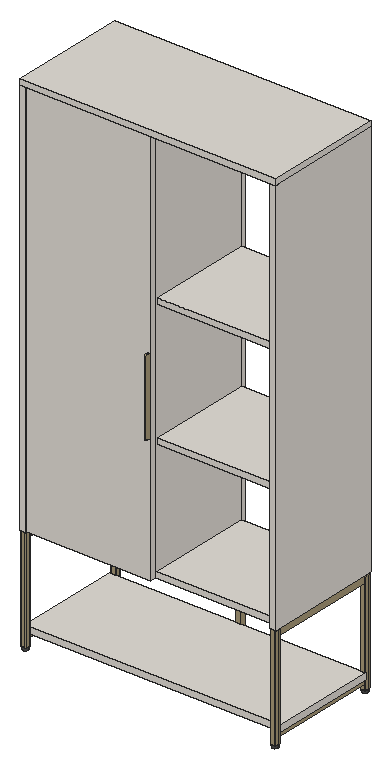
Revit family "Storage-Teknion-LWBOH-Byward_Open_High_Tower-R2022", category Furniture, Revit 2022
Family settings
  OmniClass Number = 23.40.20.00
  OmniClass Title = General Furniture and Specialties
  Work Plane-Based = No
  Always vertical = Yes
  Cut with Voids When Loaded = No
  Render Appearance Source = Family Geometry
  Shared = Yes
  Room Calculation Point = No
Parameters (values of type "Left Coat, Right Open")
  Width [instance] = 30.000"
  Warranty = "http://www.teknion.com/ca/papers/legal-canada"
  Unit Weight URL = "http://www.teknion.com/ca/tools/assets#&asset=bee6a381-b954-425e-8283-5a2de3a804f2,f828d448-4b62-4231-9e5f-9a8991c0ed77"
  URL = "www.teknion.com"
  To render please download texture images found here [instance] = "https://assets.teknion.com/web/5e81352c1dfdb467/revit-material-swatches/"
  Third Leg Visibility [instance] = yes
  Sustainability Data = "https://www.teknion.com/ca/tools/assets#&topic=216f99a5-57a0-44fc-b10a-9dee9b29ae4c&asset=444deb64-fe58-4b68-981e-f75e97781df7,b4ff2d81-9f2e-437d-9659-7cffb09c31cf"
  Series = "Byward"  # constant formula
  Shelf [instance] = if(Height = 29.000", 17.772", 17.188")  # 17.188"
  Right Rectangular Pull Handle [instance] = and(Right Casual Drawer, Rectangular Pull Handle)  # no
  Right Modern Straight (ADA) Handle [instance] = and(Right Casual Drawer, [Modern Straight (ADA) Handle])  # no
  Right Journal Pull Handle [instance] = and(Right Casual Drawer, Journal Pull Handle)  # no
  Right Center Support Visibility [instance] = yes
  Right Casual Drawer = no
  Right Byward Handle [instance] = and(Right Casual Drawer, Byward Pull Handle)  # no
  Rectangular Pull Handle [instance] = no
  Product Page URL = "https://www.teknion.com/ca/products/product-details?productLineId=87d0476f-8e7a-673b-a6c8-ff05004460c4"
  Product Line = "Byward"  # constant formula
  Product Documentation Link = "https://assets.teknion.com/m/d3f7903c0f9c31f/original/Byward-Reference-Guide.pdf"
  Part Number = "LWBOH"  # constant formula
  Modern Straight (ADA) Handle [instance] = no
  Model = "LWBOHJO60_____"
  Metal Leg & Handle Finish [instance] = Paint - Teknion - CQ - Accent - Soft Gold
  Manufacturer Phone = "416-661-3370"  # constant formula
  Manufacturer Fax = "416.661.4586"  # constant formula
  Manufacturer Contact Information = "http://www.teknion.com/ca/contactus"
  Manufacturer Address = "1150 Flint Road, Toronto, ON. M3J 2J5. Canada"  # constant formula
  Manufacturer = "Teknion"  # constant formula
  Left Rectangular Pull Handle [instance] = and(Left Casual Drawer, Rectangular Pull Handle)  # no
  Left Modern Straight (ADA) Handle [instance] = and(Left Casual Drawer, [Modern Straight (ADA) Handle])  # no
  Left Journal Pull Handle [instance] = and(Left Casual Drawer, Journal Pull Handle)  # yes
  Left Casual Drawer = yes
  Left Byward Pull Handle [instance] = and(Left Casual Drawer, Byward Pull Handle)  # no
  Journal Pull Handle [instance] = yes
  How To Use Teknion Materials User Guide [instance] = "https://assets.teknion.com/m/205dd0a49fa58060/original/How-to-add-a-Material-Library-and-Texture-Images-to-your-Revit-project.pdf"
  Height = 60.000"
  Handle Center [instance] = Width / 4 + 0.344"  # 7.844"
  For Additional Finishes please visit [instance] = "https://assets.teknion.com/m/44a8009b046e5d47/original/Teknion_Materials_Library.zip"
  Divider DIM [instance] = if(and(Width = 72.000", Left Casual Drawer), 35.656", if(and(Width = 60.000", Left Casual Drawer), 29.656", Width / 2 + 0.344"))  # 15.344"
  Description = "Byward Open High Tower, Lite Wood Office, Left Coat, Right Open"
  Depth [instance] = 14.000"
  Default Elevation = 0.000"
  Case Finish = Source Laminate - Teknion - XS - Storm White
  Byward Pull Handle Leather Finish [instance] = Leather-Teknion-N68-Natural
  Byward Pull Handle [instance] = no
  Available Width [instance] = "30 & 36\""  # constant formula
  Available Depth [instance] = "14\", 16\",18\" & 20\""  # constant formula
  Assembly Code = "E2020200"
Reference planes (in)
  plane 1 "Center Front/Back": y = 0
  plane 2: z = 0
  plane 3 "Center Left/Right": x = -0.3435
  plane 4 "Left": x = -15.3435
  plane 5 "Right": x = 14.6565
  plane 6 "Back": y = 7
  plane 7 "Front": y = -7
  plane 8 "Top": z = 60
  plane 9: z = 58
  plane 10 "Right Divider": x = 0.0005
  plane 11: x = -7.4995
  plane 12: x = 6.8125
  plane 13 "F1": y = -6.61277
  plane 14 "B1": y = 6.61277
  plane 15: x = 0.82993
  plane 16 "Handle Hori. Ref.": z = 32.00099
  plane 17: x = -1.26693
Forms (in)
  Sweep 1, solid, material "Source Laminate - Teknion - XS - Storm White" <- "Case Finish"
    path origin (0.5411, 0, 0) x (1, 0, 0) y (0, 0, 1)
      loop
        line (-0.8846, 60) -> (-0.8846, 59.312)
    profile origin (-0.3435, 0, 59.656) x (0, -1, 0) y (1, 0, 0)
      loop
        line (-7, -15) -> (7, -15) -> (7, 15) -> (-7, 15) -> (-7, -15)
  Sweep 2, solid, material "Source Laminate - Teknion - XS - Storm White" <- "Case Finish"
    path origin (82.53178, 0, 2.03477) x (1, 0, 0) y (0, 1, 0)
      loop
        line (-82.87528, 7) -> (-82.87528, -7)
    profile origin (-0.3435, 0, 2.03477) x (1, 0, 0) y (0, 0, 1)
      loop
        line (15, 10.46523) -> (15, 57.27723) -> (14.312, 57.27723) -> (14.312, 10.46523) -> (15, 10.46523)
      loop
        line (-14.312, 10.46523) -> (-14.312, 57.27723) -> (-15, 57.27723) -> (-15, 10.46523) -> (-14.312, 10.46523)
  Sweep 3, solid, material "Source Laminate - Teknion - XS - Storm White" <- "Case Finish"
    path origin (0, 0, 0) x (1, 0, 0) y (0, 0, 1)
      loop
        line (-0.3435, 2.1875) -> (-0.3435, 1.5)
    profile origin (-0.3435, 0, 1.84375) x (0, -1, 0) y (1, 0, 0)
      loop
        line (-6.233, -15) -> (6.233, -15) -> (6.233, 15) -> (-6.233, 15) -> (-6.233, -15)
  Sweep 4, solid, material "Source Laminate - Teknion - XS - Storm White" <- "Case Finish", visible <- "Right Casual Drawer"
    path origin (-0.3435, 0, 0) x (0, 1, 0) y (0, 0, 1)
      loop
        line (7, 59.312) -> (7, 12.5)
    profile origin (-0.3435, 7, 35.906) x (1, 0, 0) y (0, 1, 0)
      loop
        line (-0.344, -0.139) -> (-0.344, -0.708) -> (14.312, -0.708) -> (14.312, -0.139) -> (-0.344, -0.139)
  Sweep 5, solid, material "Source Laminate - Teknion - XS - Storm White" <- "Case Finish"
    path origin (0, 0, 0) x (1, 0, 0) y (0, 0, 1)
      loop
        line (0.0005, 13.188) -> (0.0005, 59.312)
    profile origin (0.0005, 0, 36.25) x (-1, 0, 0) y (0, -1, 0)
      loop
        line (0.688, 6.173) -> (0, 6.173) -> (0, -6.292) -> (0.688, -6.292) -> (0.688, 6.173)
  Sweep 6, solid, material "Paint - Teknion - CQ - Accent - Soft Gold" <- "Metal Leg & Handle Finish"
    path origin (0.17299, 27.13369, 0) x (1, 0, 0) y (0, 0, 1)
      loop
        line (-0.51649, 0.325) -> (-0.51649, 12.5)
    profile origin (-0.3435, 27.13369, 6.4125) x (-1, 0, 0) y (0, -1, 0)
      loop
        line (14.4676, 20.21169) -> (14.8454, 20.21169)
        arc (14.8454, 20.21169) -> (14.9328, 20.24789) -> (14.969, 20.33529) r 0.1236
        line (14.969, 20.33529) -> (14.969, 20.76909)
        arc (14.969, 20.76909) -> (14.9492, 20.81689) -> (14.9014, 20.83669) r 0.0676
        line (14.9014, 20.83669) -> (14.4116, 20.83669)
        arc (14.4116, 20.83669) -> (14.3638, 20.81689) -> (14.344, 20.76909) r 0.0676
        line (14.344, 20.76909) -> (14.344, 20.33529)
        arc (14.344, 20.33529) -> (14.3802, 20.24789) -> (14.4676, 20.21169) r 0.1236
      loop
        arc (-14.4372, 20.21169) -> (-14.3713, 20.23899) -> (-14.344, 20.30489) r 0.0932
        line (-14.344, 20.30489) -> (-14.344, 20.74989)
        arc (-14.344, 20.74989) -> (-14.36942, 20.81127) -> (-14.4308, 20.83669) r 0.0868
        line (-14.4308, 20.83669) -> (-14.8822, 20.83669)
        arc (-14.8822, 20.83669) -> (-14.94358, 20.81127) -> (-14.969, 20.74989) r 0.0868
        line (-14.969, 20.74989) -> (-14.969, 20.30489)
        arc (-14.969, 20.30489) -> (-14.9417, 20.23899) -> (-14.8758, 20.21169) r 0.0932
        line (-14.8758, 20.21169) -> (-14.4372, 20.21169)
      loop
        arc (14.4316, 34.06169) -> (14.36966, 34.03603) -> (14.344, 33.97409) r 0.0876
        line (14.344, 33.97409) -> (14.344, 33.52909)
        arc (14.344, 33.52909) -> (14.37106, 33.46375) -> (14.4364, 33.43669) r 0.0924
        line (14.4364, 33.43669) -> (14.8766, 33.43669)
        arc (14.8766, 33.43669) -> (14.94194, 33.46375) -> (14.969, 33.52909) r 0.0924
        line (14.969, 33.52909) -> (14.969, 33.97409)
        arc (14.969, 33.97409) -> (14.94334, 34.03603) -> (14.8814, 34.06169) r 0.0876
        line (14.8814, 34.06169) -> (14.4316, 34.06169)
      loop
        line (-14.4308, 34.06169) -> (-14.8822, 34.06169)
        arc (-14.8822, 34.06169) -> (-14.94358, 34.03627) -> (-14.969, 33.97489) r 0.0868
        line (-14.969, 33.97489) -> (-14.969, 33.52989)
        arc (-14.969, 33.52989) -> (-14.9417, 33.46399) -> (-14.8758, 33.43669) r 0.0932
        line (-14.8758, 33.43669) -> (-14.4372, 33.43669)
        arc (-14.4372, 33.43669) -> (-14.3713, 33.46399) -> (-14.344, 33.52989) r 0.0932
        line (-14.344, 33.52989) -> (-14.344, 33.97489)
        arc (-14.344, 33.97489) -> (-14.36942, 34.03627) -> (-14.4308, 34.06169) r 0.0868
  Sweep 7, solid, material "Paint - Teknion - CQ - Accent - Soft Gold" <- "Metal Leg & Handle Finish"
    path origin (21.53201, -1.62606, 0) x (1, 0, 0) y (0, 1, 0)
      loop
        line (-21.87551, 7.93856) -> (-21.87551, -4.65694)
    profile origin (-0.3435, 0.01475, 0) x (1, 0, 0) y (0, 0, 1)
      loop
        line (14.781, 11.5) -> (14.781, 12.26533)
        arc (14.781, 12.26533) -> (14.71227, 12.43127) -> (14.54633, 12.5) r 0.23467
        line (14.54633, 12.5) -> (12.281, 12.5) -> (12.281, 12.366) -> (14.54666, 12.366)
        arc (14.54666, 12.366) -> (14.61761, 12.33661) -> (14.647, 12.26566) r 0.10034
        line (14.647, 12.26566) -> (14.647, 11.5) -> (14.781, 11.5)
      loop
        line (14.781, 0.875) -> (14.781, 1.26553)
        arc (14.781, 1.26553) -> (14.71232, 1.43132) -> (14.54653, 1.5) r 0.23447
        line (14.54653, 1.5) -> (12.281, 1.5) -> (12.281, 1.366) -> (14.54644, 1.366)
        arc (14.54644, 1.366) -> (14.61755, 1.33655) -> (14.647, 1.26544) r 0.10056
        line (14.647, 1.26544) -> (14.647, 0.875) -> (14.781, 0.875)
      loop
        line (-14.781, 11.5) -> (-14.647, 11.5) -> (-14.647, 12.26566)
        arc (-14.647, 12.26566) -> (-14.61761, 12.33661) -> (-14.54666, 12.366) r 0.10034
        line (-14.54666, 12.366) -> (-12.281, 12.366) -> (-12.281, 12.5) -> (-14.54633, 12.5)
        arc (-14.54633, 12.5) -> (-14.71227, 12.43127) -> (-14.781, 12.26533) r 0.23467
        line (-14.781, 12.26533) -> (-14.781, 11.5)
      loop
        line (-14.781, 0.875) -> (-14.647, 0.875) -> (-14.647, 1.26544)
        arc (-14.647, 1.26544) -> (-14.61755, 1.33655) -> (-14.54644, 1.366) r 0.10056
        line (-14.54644, 1.366) -> (-12.281, 1.366) -> (-12.281, 1.5) -> (-14.54653, 1.5)
        arc (-14.54653, 1.5) -> (-14.71232, 1.43132) -> (-14.781, 1.26553) r 0.23447
        line (-14.781, 1.26553) -> (-14.781, 0.875)
  Sweep 8, solid, material "Source Laminate - Teknion - XS - Storm White" <- "Case Finish", visible <- "Right Casual Drawer"
    path origin (0, 0, 0) x (1, 0, 0) y (0, 0, 1)
      loop
        line (-0.3435, 27.251) -> (-0.3435, 26.563)
    profile origin (-0.3435, 0, 26.907) x (0, -1, 0) y (1, 0, 0)
      loop
        line (6.114, -14.292) -> (6.114, -0.02) -> (-6.233, -0.02) -> (-6.233, -14.292) -> (6.114, -14.292)
  Sweep 9, solid, material "Source Laminate - Teknion - XS - Storm White" <- "Case Finish", visible <- "Right Casual Drawer"
    path origin (0, 0, 0) x (1, 0, 0) y (0, 0, 1)
      loop
        line (0.3645, 54.189) -> (13.9485, 54.189)
    profile origin (7.1565, 0, 54.189) x (0, 0, 1) y (0, -1, 0)
      loop
        line (0, -6.292) -> (0, 2) -> (-0.688, 2) -> (-0.688, -6.292) -> (0, -6.292)
  Sweep 10, solid, material "Source Laminate - Teknion - XS - Storm White" <- "Case Finish", visible <- "Right Casual Drawer"
    path origin (0, 0, 0) x (1, 0, 0) y (0, 0, 1)
      loop
        line (1.318, 52.812) -> (1.318, 48.48129)
    profile origin (1.318, 0, 50.64665) x (0, -1, 0) y (1, 0, 0)
      loop
        line (-3.95, 11.677) -> (-3.95, 0) -> (6.113, 0) -> (6.113, 11.677) -> (-3.95, 11.677)
      loop
        line (-3.43, 0.52) -> (5.593, 0.52) -> (5.593, 11.157) -> (-3.43, 11.157) -> (-3.43, 0.52)
  Sweep 11, solid, material "Source Laminate - Teknion - XS - Storm White" <- "Case Finish", visible <- "Right Casual Drawer"
    path origin (0, 0, 0) x (1, 0, 0) y (0, 0, 1)
      loop
        line (1.838, 49.00129) -> (1.838, 48.48129)
    profile origin (1.838, 0, 48.74129) x (0, -1, 0) y (1, 0, 0)
      loop
        line (-3.43, 0) -> (5.593, 0) -> (5.593, 10.637) -> (-3.43, 10.637) -> (-3.43, 0)
  Sweep 12, solid, material "Source Laminate - Teknion - XS - Storm White" <- "Case Finish", visible <- "Right Casual Drawer"
    path origin (0, 0, 0) x (1, 0, 0) y (0, 0, 1)
      loop
        line (-0.2845, 59.253) -> (-0.2845, 12.559)
    profile origin (-0.2845, 0, 35.906) x (0, -1, 0) y (1, 0, 0)
      loop
        line (6.96, 14.194) -> (6.272, 14.194) -> (6.272, -0.344) -> (6.96, -0.344) -> (6.96, 14.194)
  Sweep 13, solid, material "Source Laminate - Teknion - XS - Storm White" <- "Case Finish", visible <- "Left Casual Drawer"
    path origin (-36, 0, 0) x (1, 0, 0) y (0, 0, 1)
      loop
        line (21.3645, 54.189) -> (34.9485, 54.189)
    profile origin (-7.8435, 0, 54.189) x (0, 0, 1) y (0, -1, 0)
      loop
        line (0, -6.292) -> (0, 2) -> (-0.688, 2) -> (-0.688, -6.292) -> (0, -6.292)
  Sweep 14, solid, material "Source Laminate - Teknion - XS - Storm White" <- "Case Finish", visible <- "Left Casual Drawer"
    path origin (-36, 0, 0) x (1, 0, 0) y (0, 0, 1)
      loop
        line (22.318, 52.812) -> (22.318, 48.48129)
    profile origin (-13.682, 0, 50.64665) x (0, -1, 0) y (1, 0, 0)
      loop
        line (-3.95, 11.677) -> (-3.95, 0) -> (6.113, 0) -> (6.113, 11.677) -> (-3.95, 11.677)
      loop
        line (-3.43, 0.52) -> (5.593, 0.52) -> (5.593, 11.157) -> (-3.43, 11.157) -> (-3.43, 0.52)
  Sweep 15, solid, material "Source Laminate - Teknion - XS - Storm White" <- "Case Finish", visible <- "Left Casual Drawer"
    path origin (-36, 0, 0) x (1, 0, 0) y (0, 0, 1)
      loop
        line (22.838, 49.00129) -> (22.838, 48.48129)
    profile origin (-13.162, 0, 48.74129) x (0, -1, 0) y (1, 0, 0)
      loop
        line (-3.43, 0) -> (5.593, 0) -> (5.593, 10.637) -> (-3.43, 10.637) -> (-3.43, 0)
  Sweep 16, solid, material "Source Laminate - Teknion - XS - Storm White" <- "Case Finish", visible <- "Left Casual Drawer"
    path origin (-0.687, 0, 0) x (-1, 0, 0) y (0, 0, -1)
      loop
        line (-0.2845, -59.253) -> (-0.2845, -12.559)
    profile origin (-0.4025, 0, 35.906) x (0, -1, 0) y (1, 0, 0)
      loop
        line (6.96, -14.194) -> (6.96, 0.344) -> (6.272, 0.344) -> (6.272, -14.194) -> (6.96, -14.194)
  Sweep 17, void
    path origin (-2.4485, -2.87177, 0) x (1, 0, 0) y (0, 0, 1)
      loop
        line (0, 13.1875) -> (0, 0.6875)
    profile origin (-2.4485, -2.87177, 6.9375) x (0, -1, 0) y (1, 0, 0)
      loop
        line (-9.24823, 14.386) -> (-8.25201, 14.386) -> (-9.24823, 16.72261) -> (-9.24823, 14.386)
      loop
        line (2.48389, 14.386) -> (3.41123, 14.386) -> (3.41123, 16.90919) -> (2.48389, 14.386)
      loop
        line (-9.24823, -10.176) -> (-9.24823, -12.51261) -> (-8.25201, -10.176) -> (-9.24823, -10.176)
      loop
        line (2.48389, -10.176) -> (3.41123, -12.69919) -> (3.41123, -10.176) -> (2.48389, -10.176)
  Sweep 18, solid, material "Source Laminate - Teknion - XS - Storm White" <- "Case Finish"
    path origin (0, 0, 0) x (1, 0, 0) y (0, 0, 1)
      loop
        line (-0.3435, 13.188) -> (-0.3435, 12.5005)
    profile origin (-0.3435, 0, 12.84425) x (0, -1, 0) y (1, 0, 0)
      loop
        line (6.173, 14.312) -> (-6.292, 14.312) -> (-6.292, -14.312) -> (6.173, -14.312) -> (6.173, 14.312)
  Revolve 19, solid, material "Paint - Teknion - Foundation - Ebony"
    sketch origin (0, -6.61277, 0) x (1, 0, 0) y (0, 0, 1)
      loop
        line (-14.86982, 0.325) -> (-14.99805, 0.325) -> (-14.99805, 0) -> (-14.66005, 0) -> (-14.62005, 0.25) -> (-14.86982, 0.25) -> (-14.86982, 0.325)
      axis (-14.99805, 0.325) -> (-14.99805, 0)
    angle from 0 to 360
  Revolve 20, solid, material "Paint - Teknion - Foundation - Ebony"
    sketch origin (0, -6.61277, 0) x (1, 0, 0) y (0, 0, 1)
      loop
        line (14.18282, 0.325) -> (14.18282, 0.25) -> (13.93305, 0.25) -> (13.97305, 0) -> (14.31105, 0) -> (14.31105, 0.325) -> (14.18282, 0.325)
      axis (14.31105, 0.325) -> (14.31105, 0)
    angle from 0 to 360
  Revolve 21, solid, material "Paint - Teknion - Foundation - Ebony"
    sketch origin (0, 6.61277, 0) x (1, 0, 0) y (0, 0, 1)
      loop
        line (14.18282, 0.325) -> (14.18282, 0.25) -> (13.93305, 0.25) -> (13.97305, 0) -> (14.31105, 0) -> (14.31105, 0.325) -> (14.18282, 0.325)
      axis (14.31105, 0.325) -> (14.31105, 0)
    angle from 0 to 360
  Revolve 22, solid, material "Paint - Teknion - Foundation - Ebony"
    sketch origin (0, 6.61277, 0) x (1, 0, 0) y (0, 0, 1)
      loop
        line (-14.86982, 0.325) -> (-14.99805, 0.325) -> (-14.99805, 0) -> (-14.66005, 0) -> (-14.62005, 0.25) -> (-14.86982, 0.25) -> (-14.86982, 0.325)
      axis (-14.99805, 0.325) -> (-14.99805, 0)
    angle from 0 to 360
  Revolve 23, solid, material "Paint - Teknion - Foundation - Ebony", visible <- "Third Leg Visibility"
    sketch origin (0, 6.61277, 0) x (1, 0, 0) y (0, 0, 1)
      loop
        line (-0.46847, 0.325) -> (-0.46847, 0.25) -> (-0.71873, 0.25) -> (-0.67873, 0) -> (-0.34268, 0) -> (-0.34268, 0.325) -> (-0.46847, 0.325)
      axis (-0.34268, 0.325) -> (-0.34268, 0)
    angle from 0 to 360
  Sweep 24, solid, material "Source Laminate - Teknion - XS - Storm White" <- "Case Finish", visible <- "Right Casual Drawer"
    path origin (0, 0, 14.75) x (1, 0, 0) y (0, 0, 1)
      loop
        line (-0.3435, 27.251) -> (-0.3435, 26.563)
    profile origin (-0.3435, 0, 41.657) x (0, -1, 0) y (1, 0, 0)
      loop
        line (6.114, -14.30257) -> (6.114, -0.02) -> (-6.233, -0.02) -> (-6.233, -14.30257) -> (6.114, -14.30257)
  Sweep 25, solid, material "Source Laminate - Teknion - XS - Storm White" <- "Case Finish", visible <- "Right Casual Drawer"
    path origin (0, 0, 0) x (1, 0, 0) y (0, 1, 0)
      loop
        line (13.9485, 6.153) -> (13.9485, -6.114)
    profile origin (13.9485, 0.0195, 0) x (1, 0, 0) y (0, 0, 1)
      loop
        line (0, 19.876) -> (-13.928, 19.876) -> (-13.928, 19.188) -> (0, 19.188) -> (0, 19.876)
  Sweep 26, solid, material "Paint - Teknion - CQ - Accent - Soft Gold" <- "Metal Leg & Handle Finish"
    path origin (0.4346, 0.0925, 0) x (1, 0, 0) y (0, 0, 1)
      loop
        line (-0.7781, 12.44) -> (-0.7781, 12.5)
    profile origin (-0.3435, 0.0925, 12.47) x (-1, 0, 0) y (0, -1, 0)
      loop
        line (0.22515, -6.1445) -> (2.53237, -3.83728) -> (1.86769, -3.1726) -> (0.09988, -4.94041) -> (-0.09988, -4.94041) -> (-1.86803, -3.17225) -> (-2.53271, -3.83694) -> (-0.22515, -6.1445) -> (0.22515, -6.1445)
  Sweep 27, solid, material "Paint - Teknion - CQ - Accent - Soft Gold" <- "Metal Leg & Handle Finish"
    path origin (0.4346, -3.42018, 0) x (1, 0, 0) y (0, 1, 0)
      loop
        line (-3.31047, 7.34979) -> (-3.3529, 7.39221)
    profile origin (-2.89708, 3.95082, 0) x (-0.707107, -0.707107, 0) y (0, 0, 1)
      loop
        line (-3.24988, 11.5) -> (0.00012, 12.187) -> (0.00012, 12.5) -> (-3.28788, 12.5) -> (-3.28788, 11.5) -> (-3.24988, 11.5)
      loop
        line (-3.24988, 0.5) -> (0.00012, 1.187) -> (0.00012, 1.5) -> (-3.28788, 1.5) -> (-3.28788, 0.5) -> (-3.24988, 0.5)
  Sweep 28, solid, material "Paint - Teknion - CQ - Accent - Soft Gold" <- "Metal Leg & Handle Finish"
    path origin (-1.1216, -3.42018, 0) x (-1, 0, 0) y (0, -1, 0)
      loop
        line (-3.31047, -7.34979) -> (-3.3529, -7.39221)
    profile origin (2.21008, 3.95082, 0) x (-0.707107, 0.707107, 0) y (0, 0, 1)
      loop
        line (3.24988, 11.5) -> (3.28788, 11.5) -> (3.28788, 12.5) -> (-0.00012, 12.5) -> (-0.00012, 12.187) -> (3.24988, 11.5)
      loop
        line (3.24988, 0.49997) -> (3.28788, 0.49997) -> (3.28788, 1.49997) -> (-0.00012, 1.49997) -> (-0.00012, 1.18697) -> (3.24988, 0.49997)
  Sweep 29, solid, material "Paint - Teknion - CQ - Accent - Soft Gold" <- "Metal Leg & Handle Finish"
    path origin (0.4346, 0.0925, -11) x (1, 0, 0) y (0, 0, 1)
      loop
        line (-0.7781, 12.44) -> (-0.7781, 12.5)
    profile origin (-0.3435, 0.0925, 1.47) x (-1, 0, 0) y (0, -1, 0)
      loop
        line (0.22515, -6.1445) -> (2.53254, -3.83711) -> (1.86786, -3.17243) -> (0.09988, -4.94041) -> (-0.09988, -4.94041) -> (-1.86786, -3.17243) -> (-2.53254, -3.83711) -> (-0.22515, -6.1445) -> (0.22515, -6.1445)
  Sweep 30, solid, material "Paint - Teknion - CQ - Accent - Soft Gold" <- "Metal Leg & Handle Finish"
    path origin (0, 0, 0) x (1, 0, 0) y (0, 0, 1)
      loop
        line (-0.3435, 12.5) -> (-0.3435, 0.325)
    profile origin (-0.3435, 0, 6.4125) x (0, -1, 0) y (1, 0, 0)
      loop
        line (-6.922, 0.3125) -> (-6.922, -0.3125) -> (-6.297, -0.3125) -> (-6.297, 0.3125) -> (-6.922, 0.3125)
  Sweep 31, solid, material "Paint - Teknion - CQ - Accent - Soft Gold" <- "Metal Leg & Handle Finish"
    path origin (0, 0, 0) x (1, 0, 0) y (0, 1, 0)
      loop
        line (-0.09333, 6.297) -> (-0.59333, 6.297)
    profile origin (-0.34333, 6.297, 0) x (0, -1, 0) y (0, 0, 1)
      loop
        line (0.00009, 0.5) -> (0.06, 0.5) -> (0.06, 1.5) -> (0.00009, 1.5) -> (0.00009, 0.5)
      loop
        line (0, 12.44) -> (0, 11.5) -> (0.06, 11.5) -> (0.06, 12.44) -> (0, 12.44)
  Sweep 32, solid, material "Paint - Teknion - CQ - Accent - Soft Gold" <- "Metal Leg & Handle Finish", visible <- "Right Journal Pull Handle"
    path origin (0, 0, 0) x (1, 0, 0) y (0, 1, 0)
      loop
        line (-0.60149, -7) -> (-0.44149, -7)
    profile origin (-0.52149, -7, 0) x (0, 1, 0) y (0, 0, 1)
      loop
        line (-0.60741, 36.16169) -> (-0.60741, 27.81231)
        arc (-0.60741, 27.81231) -> (-0.51377, 27.58623) -> (-0.28769, 27.49259) r 0.31972
        line (-0.28769, 27.49259) -> (0.827, 27.49259) -> (0.827, 36.48141) -> (-0.28769, 36.48141)
        arc (-0.28769, 36.48141) -> (-0.51377, 36.38777) -> (-0.60741, 36.16169) r 0.31972
  Sweep 33, solid, material "Source Laminate - Teknion - XS - Storm White" <- "Case Finish", visible <- "Left Casual Drawer"
    path origin (14.63713, 0, 14.75) x (1, 0, 0) y (0, 0, 1)
      loop
        line (-0.3435, 27.251) -> (-0.3435, 26.563)
    profile origin (14.29363, 0, 41.657) x (0, -1, 0) y (1, 0, 0)
      loop
        line (6.114, -14.30257) -> (6.114, -0.32513) -> (-6.233, -0.32513) -> (-6.233, -14.30257) -> (6.114, -14.30257)
  Sweep 34, solid, material "Source Laminate - Teknion - XS - Storm White" <- "Case Finish", visible <- "Left Casual Drawer"
    path origin (14.63713, 0, 0) x (1, 0, 0) y (0, 0, 1)
      loop
        line (-0.3435, 27.251) -> (-0.3435, 26.563)
    profile origin (14.29363, 0, 26.907) x (0, -1, 0) y (1, 0, 0)
      loop
        line (6.114, -14.30257) -> (6.114, -0.32513) -> (-6.233, -0.32513) -> (-6.233, -14.30257) -> (6.114, -14.30257)
  Sweep 35, solid, material "Paint - Teknion - CQ - Accent - Soft Gold" <- "Metal Leg & Handle Finish", visible <- "Left Journal Pull Handle"
    path origin (-0.687, 0, 0) x (-1, 0, 0) y (0, -1, 0)
      loop
        line (-0.60149, 7) -> (-0.44149, 7)
    profile origin (-0.16551, -7, 0) x (0, -1, 0) y (0, 0, 1)
      loop
        line (0.28769, 36.48141) -> (-0.827, 36.48141) -> (-0.827, 27.49259) -> (0.28769, 27.49259)
        arc (0.28769, 27.49259) -> (0.51377, 27.58623) -> (0.60741, 27.81231) r 0.31972
        line (0.60741, 27.81231) -> (0.60741, 36.16169)
        arc (0.60741, 36.16169) -> (0.51377, 36.38777) -> (0.28769, 36.48141) r 0.31972
  Sweep 36, solid, material "Source Laminate - Teknion - XS - Storm White" <- "Case Finish", visible <- "Left Casual Drawer"
    path origin (-0.3435, 0, 0) x (0, 1, 0) y (0, 0, -1)
      loop
        line (7, -59.312) -> (7, -12.5)
    profile origin (-0.3435, 7, 35.906) x (-1, 0, 0) y (0, -1, 0)
      loop
        line (-0.344, 0.139) -> (14.312, 0.139) -> (14.312, 0.708) -> (-0.344, 0.708) -> (-0.344, 0.139)
  Sweep 37, solid, material "Source Laminate - Teknion - XS - Storm White" <- "Case Finish", visible <- "Left Casual Drawer"
    path origin (-0.687, 0, 0) x (-1, 0, 0) y (0, -1, 0)
      loop
        line (13.9485, -6.153) -> (13.9485, 6.114)
    profile origin (-14.6355, 0.0195, 0) x (1, 0, 0) y (0, 0, 1)
      loop
        line (0, 19.876) -> (0, 19.188) -> (13.928, 19.188) -> (13.928, 19.876) -> (0, 19.876)
Cuts and joins
  Sweep 17 cuts Sweep 5
  Sweep 17 cuts Sweep 7
Lines and regions (in)
  Masking region 1
    outline origin (0, 0, 0) x (1, 0, 0) y (0, 1, 0)
      loop
        line (-15.3435, 7) -> (-15.3435, -7) -> (14.6565, -7) -> (14.6565, 7) -> (-15.3435, 7)
  symbolic lines, style "FurnitureHiddenLines", detail levels medium+fine
    curve 1: line (-14.6555, -7, 0) -> (-14.6555, 7, 0)
    curve 2: line (-14.6555, 7, 0) -> (-15.3435, 7, 0)
    curve 3: line (-15.3435, 7, 0) -> (-15.3435, -7, 0)
    curve 4: line (-15.3435, -7, 0) -> (-14.6555, -7, 0)
    curve 5: line (14.6565, -7, 0) -> (14.6565, 7, 0)
    curve 6: line (14.6565, 7, 0) -> (13.9685, 7, 0)
    curve 7: line (13.9685, 7, 0) -> (13.9685, -7, 0)
    curve 8: line (13.9685, -7, 0) -> (14.6565, -7, 0)
    curve 9: line (-0.6875, 6.292, 0) -> (-0.6875, -6.173, 0)
    curve 10: line (-0.6875, -6.173, 0) -> (0.0005, -6.173, 0)
    curve 11: line (0.0005, -6.173, 0) -> (0.0005, 6.292, 0)
    curve 12: line (0.0005, 6.292, 0) -> (-0.6875, 6.292, 0)
    curve 21: line (-14.6555, 6.292, 0) -> (13.9685, 6.292, 0)
    curve 22: line (13.9685, 6.292, 0) -> (13.9685, 7, 0)
    curve 55: line (-14.6555, -6.173, 0) -> (13.9685, -6.173, 0)
    curve 56: line (13.9685, -6.173, 0) -> (13.9685, 6.292, 0)
    curve 57: line (-14.6555, 6.292, 0) -> (-14.6555, -6.173, 0)
    curve 59: line (14.6565, -6.233, 0) -> (14.6565, 6.233, 0)
    curve 60: line (14.6565, 6.233, 0) -> (-15.3435, 6.233, 0)
    curve 61: line (-15.3435, 6.233, 0) -> (-15.3435, -6.233, 0)
    curve 62: line (-14.8111, 6.3125, 0) -> (-12.6245, 5.38024, 0)
    curve 63: line (-12.6245, -5.35565, 0) -> (-12.6245, 5.38024, 0)
    curve 64: line (-12.6245, -5.35565, 0) -> (-15.1245, -6.27448, 0)
    curve 65: line (-15.1245, 6.3125, 0) -> (-15.1245, -6.27448, 0)
    curve 66: line (-15.1245, 6.3125, 0) -> (-14.8111, 6.3125, 0)
    curve 67: line (11.9375, 5.38024, 0) -> (11.9375, -5.35565, 0)
    curve 68: line (11.9375, 5.38024, 0) -> (14.1241, 6.3125, 0)
    curve 69: line (14.4375, -6.27448, 0) -> (14.4375, 6.3125, 0)
    curve 70: line (14.4375, -6.27448, 0) -> (11.9375, -5.35565, 0)
    curve 71: line (14.1241, 6.3125, 0) -> (14.4375, 6.3125, 0)
    curve 73: arc (-14.6875, 6.7984, 0) -> (-14.7237, 6.8858, 0) -> (-14.8111, 6.922, 0) r 0.1236
    curve 74: line (-14.7799, -6.303, 0) -> (-15.2201, -6.303, 0)
    curve 75: arc (-15.2201, -6.303, 0) -> (-15.28544, -6.33006, 0) -> (-15.3125, -6.3954, 0) r 0.0924
    curve 76: line (-15.3125, -6.3954, 0) -> (-15.3125, -6.8404, 0)
    curve 77: arc (-15.3125, -6.8404, 0) -> (-15.28684, -6.90234, 0) -> (-15.2249, -6.928, 0) r 0.0876
    curve 78: line (-15.2249, -6.928, 0) -> (-14.7751, -6.928, 0)
    curve 79: arc (-14.7751, -6.928, 0) -> (-14.71316, -6.90234, 0) -> (-14.6875, -6.8404, 0) r 0.0876
    curve 80: line (-14.6875, -6.8404, 0) -> (-14.6875, -6.3954, 0)
    curve 81: arc (-14.6875, -6.3954, 0) -> (-14.71456, -6.33006, 0) -> (-14.7799, -6.303, 0) r 0.0924
    curve 82: line (14.5323, -6.303, 0) -> (14.0937, -6.303, 0)
    curve 83: arc (14.0937, -6.303, 0) -> (14.0278, -6.3303, 0) -> (14.0005, -6.3962, 0) r 0.0932
    curve 84: line (14.0005, -6.3962, 0) -> (14.0005, -6.8412, 0)
    curve 85: arc (14.0005, -6.8412, 0) -> (14.02592, -6.90258, 0) -> (14.0873, -6.928, 0) r 0.0868
    curve 86: line (14.0873, -6.928, 0) -> (14.5387, -6.928, 0)
    curve 87: arc (14.5387, -6.928, 0) -> (14.60008, -6.90258, 0) -> (14.6255, -6.8412, 0) r 0.0868
    curve 88: line (14.6255, -6.8412, 0) -> (14.6255, -6.3962, 0)
    curve 89: arc (14.6255, -6.3962, 0) -> (14.5982, -6.3303, 0) -> (14.5323, -6.303, 0) r 0.0932
    curve 90: line (14.5323, 6.922, 0) -> (14.0937, 6.922, 0)
    curve 91: arc (14.0937, 6.922, 0) -> (14.0278, 6.8947, 0) -> (14.0005, 6.8288, 0) r 0.0932
    curve 92: line (14.0005, 6.8288, 0) -> (14.0005, 6.3838, 0)
    curve 93: arc (14.0005, 6.3838, 0) -> (14.02592, 6.32242, 0) -> (14.0873, 6.297, 0) r 0.0868
    curve 94: line (14.0873, 6.297, 0) -> (14.5387, 6.297, 0)
    curve 95: arc (14.5387, 6.297, 0) -> (14.60008, 6.32242, 0) -> (14.6255, 6.3838, 0) r 0.0868
    curve 96: line (14.6255, 6.3838, 0) -> (14.6255, 6.8288, 0)
    curve 97: arc (14.6255, 6.8288, 0) -> (14.5982, 6.8947, 0) -> (14.5323, 6.922, 0) r 0.0932
    curve 127: arc (-14.6875, 6.7984, 0) -> (-14.7237, 6.8858, 0) -> (-14.8111, 6.922, 0) r 0.1236
    curve 128: line (-0.656, 6.922, 0) -> (-0.656, 6.297, 0)
    curve 129: line (-0.656, 6.297, 0) -> (-0.031, 6.297, 0)
    curve 130: line (-0.031, 6.297, 0) -> (-0.031, 6.922, 0)
    curve 131: line (-0.031, 6.922, 0) -> (-0.656, 6.922, 0)
    curve 132: line (-2.21119, 3.2651, 0) -> (-0.44338, 5.03291, 0)
    curve 133: line (-0.44338, 5.03291, 0) -> (-0.24362, 5.03291, 0)
    curve 134: line (-0.24362, 5.03291, 0) -> (1.52453, 3.26475, 0)
    curve 135: line (1.52453, 3.26475, 0) -> (2.18921, 3.92944, 0)
    curve 136: line (2.18921, 3.92944, 0) -> (-0.11835, 6.237, 0)
    curve 137: line (-0.11835, 6.237, 0) -> (-0.56865, 6.237, 0)
    curve 138: line (-0.56865, 6.237, 0) -> (-2.87587, 3.92978, 0)
    curve 139: line (-2.87587, 3.92978, 0) -> (-2.21119, 3.2651, 0)
    curve 140: line (-0.59833, 6.292, 0) -> (-2.91838, 3.97195, 0)
    curve 141: line (2.23138, 3.97195, 0) -> (-0.08867, 6.292, 0)
    curve 142: line (-2.91838, 3.97195, 0) -> (-2.87596, 3.92952, 0)
    curve 143: line (2.18896, 3.92952, 0) -> (2.23138, 3.97195, 0)
  symbolic lines, style "FurnitureHiddenLines", visible <- "Left Casual Drawer", detail levels medium+fine
    curve 13: line (-14.5965, -6.272, 0) -> (-14.5965, -6.96, 0)
    curve 14: line (-14.5965, -6.96, 0) -> (-0.0585, -6.96, 0)
    curve 15: line (-0.0585, -6.96, 0) -> (-0.0585, -6.272, 0)
    curve 16: line (-0.0585, -6.272, 0) -> (-14.5965, -6.272, 0)
    curve 23: line (-14.6355, 6.292, 0) -> (-14.6355, -2, 0)
    curve 24: line (-14.6355, -2, 0) -> (-1.0515, -2, 0)
    curve 25: line (-1.0515, -2, 0) -> (-1.0515, 6.292, 0)
    curve 26: line (-1.0515, 6.292, 0) -> (-14.6355, 6.292, 0)
    curve 47: line (13.9485, 6.233, 0) -> (-0.3235, 6.233, 0)
    curve 48: line (-0.3235, 6.233, 0) -> (-0.3235, -6.114, 0)
    curve 49: line (-0.3235, -6.114, 0) -> (13.9485, -6.114, 0)
    curve 50: line (13.9485, -6.114, 0) -> (13.9485, 6.233, 0)
  symbolic lines, style "FurnitureHiddenLines", visible <- "Right Casual Drawer", detail levels medium+fine
    curve 17: line (-0.6285, -6.272, 0) -> (-0.6285, -6.96, 0)
    curve 18: line (-0.6285, -6.96, 0) -> (13.9095, -6.96, 0)
    curve 19: line (13.9095, -6.96, 0) -> (13.9095, -6.272, 0)
    curve 20: line (13.9095, -6.272, 0) -> (-0.6285, -6.272, 0)
    curve 35: line (0.3645, -2, 0) -> (13.9485, -2, 0)
    curve 36: line (13.9485, -2, 0) -> (13.9485, 6.292, 0)
    curve 37: line (13.9485, 6.292, 0) -> (0.3645, 6.292, 0)
    curve 38: line (0.3645, 6.292, 0) -> (0.3645, -2, 0)
    curve 72: line (-0.1245, 6.30648, 0) -> (-0.1245, -6.243, 0)
  symbolic lines, style "FurnitureHiddenLines", visible <- "Left Casual Drawer", detail levels fine
    curve 27: line (-13.682, 3.95, 0) -> (-13.682, -6.113, 0)
    curve 28: line (-13.682, -6.113, 0) -> (-2.005, -6.113, 0)
    curve 29: line (-2.005, -6.113, 0) -> (-2.005, 3.95, 0)
    curve 30: line (-2.005, 3.95, 0) -> (-13.682, 3.95, 0)
    curve 31: line (-13.162, -5.593, 0) -> (-13.162, 3.43, 0)
    curve 32: line (-13.162, 3.43, 0) -> (-2.525, 3.43, 0)
    curve 33: line (-2.525, 3.43, 0) -> (-2.525, -5.593, 0)
    curve 34: line (-2.525, -5.593, 0) -> (-13.162, -5.593, 0)
  symbolic lines, style "FurnitureHiddenLines", visible <- "Right Casual Drawer", detail levels fine
    curve 39: line (12.995, 3.95, 0) -> (1.318, 3.95, 0)
    curve 40: line (1.318, 3.95, 0) -> (1.318, -6.113, 0)
    curve 41: line (1.318, -6.113, 0) -> (12.995, -6.113, 0)
    curve 42: line (12.995, -6.113, 0) -> (12.995, 3.95, 0)
    curve 43: line (1.838, 3.43, 0) -> (12.475, 3.43, 0)
    curve 44: line (12.475, 3.43, 0) -> (12.475, -5.593, 0)
    curve 45: line (12.475, -5.593, 0) -> (1.838, -5.593, 0)
    curve 46: line (1.838, -5.593, 0) -> (1.838, 3.43, 0)
    curve 51: line (-0.3635, 6.233, 0) -> (-14.6355, 6.233, 0)
    curve 52: line (-14.6355, 6.233, 0) -> (-14.6355, -6.114, 0)
    curve 53: line (-14.6355, -6.114, 0) -> (-0.3635, -6.114, 0)
    curve 54: line (-0.3635, -6.114, 0) -> (-0.3635, 6.233, 0)
  symbolic lines, style "FurnitureHiddenLines", detail levels fine
    curve 58: line (-15.3435, -6.233, 0) -> (14.6565, -6.233, 0)
    curve 98: arc (-15.37605, 6.61277, 0) -> (-14.99805, 6.99077, 0) -> (-14.62005, 6.61277, 0) r 0.378
    curve 99: arc (-14.66005, 6.61277, 0) -> (-14.99805, 6.95077, 0) -> (-15.33605, 6.61277, 0) r 0.338
    curve 100: arc (-14.62005, 6.61277, 0) -> (-14.99805, 6.23477, 0) -> (-15.37605, 6.61277, 0) r 0.378
    curve 101: arc (-15.33605, 6.61277, 0) -> (-14.99805, 6.27477, 0) -> (-14.66005, 6.61277, 0) r 0.338
    curve 102: arc (-15.33605, -6.61277, 0) -> (-14.99805, -6.27477, 0) -> (-14.66005, -6.61277, 0) r 0.338
    curve 103: arc (-14.86982, -6.61277, 0) -> (-14.99805, -6.48453, 0) -> (-15.12628, -6.61277, 0) r 0.12823
    curve 104: arc (-15.37605, -6.61277, 0) -> (-14.99805, -6.23477, 0) -> (-14.62005, -6.61277, 0) r 0.378
    curve 105: arc (-14.66005, -6.61277, 0) -> (-14.99805, -6.95077, 0) -> (-15.33605, -6.61277, 0) r 0.338
    curve 106: arc (-14.62005, -6.61277, 0) -> (-14.99805, -6.99077, 0) -> (-15.37605, -6.61277, 0) r 0.378
    curve 107: arc (-15.12628, 6.61277, 0) -> (-14.99805, 6.741, 0) -> (-14.86982, 6.61277, 0) r 0.12823
    curve 108: arc (-14.86982, 6.61277, 0) -> (-14.99805, 6.48453, 0) -> (-15.12628, 6.61277, 0) r 0.12823
    curve 109: arc (13.93305, 6.61277, 0) -> (14.31105, 6.99077, 0) -> (14.68905, 6.61277, 0) r 0.378
    curve 110: arc (13.97305, 6.61277, 0) -> (14.31105, 6.95077, 0) -> (14.64905, 6.61277, 0) r 0.338
    curve 111: arc (14.43928, 6.61277, 0) -> (14.31105, 6.741, 0) -> (14.18282, 6.61277, 0) r 0.12823
    curve 112: arc (14.18282, 6.61277, 0) -> (14.31105, 6.48453, 0) -> (14.43928, 6.61277, 0) r 0.12823
    curve 113: arc (14.64905, 6.61277, 0) -> (14.31105, 6.27477, 0) -> (13.97305, 6.61277, 0) r 0.338
    curve 114: arc (14.68905, 6.61277, 0) -> (14.31105, 6.23477, 0) -> (13.93305, 6.61277, 0) r 0.378
    curve 115: arc (14.43928, -6.61277, 0) -> (14.31105, -6.741, 0) -> (14.18282, -6.61277, 0) r 0.12823
    curve 116: arc (14.18282, -6.61277, 0) -> (14.31105, -6.48453, 0) -> (14.43928, -6.61277, 0) r 0.12823
    curve 117: arc (13.97305, -6.61277, 0) -> (14.31105, -6.27477, 0) -> (14.64905, -6.61277, 0) r 0.338
    curve 118: arc (13.93305, -6.61277, 0) -> (14.31105, -6.23477, 0) -> (14.68905, -6.61277, 0) r 0.378
    curve 119: arc (14.64905, -6.61277, 0) -> (14.31105, -6.95077, 0) -> (13.97305, -6.61277, 0) r 0.338
    curve 120: arc (14.68905, -6.61277, 0) -> (14.31105, -6.99077, 0) -> (13.93305, -6.61277, 0) r 0.378
    curve 121: arc (-0.67873, 6.61277, 0) -> (-0.34268, 6.94881, 0) -> (-0.00663, 6.61277, 0) r 0.33605
    curve 122: arc (-0.71873, 6.61277, 0) -> (-0.34268, 6.98881, 0) -> (0.03337, 6.61277, 0) r 0.37605
    curve 123: arc (0.03337, 6.61277, 0) -> (-0.34268, 6.23672, 0) -> (-0.71873, 6.61277, 0) r 0.37605
    curve 124: arc (-0.00663, 6.61277, 0) -> (-0.34268, 6.27672, 0) -> (-0.67873, 6.61277, 0) r 0.33605
    curve 125: arc (-0.46847, 6.61277, 0) -> (-0.34268, 6.48698, 0) -> (-0.21689, 6.61277, 0) r 0.12579
    curve 126: arc (-0.21689, 6.61277, 0) -> (-0.34268, 6.73856, 0) -> (-0.46847, 6.61277, 0) r 0.12579
  reference lines
    curve 144: line (-15.3435, 7, 0) -> (14.6565, 7, 0)
    curve 145: line (-15.3435, -7, 0) -> (-15.3435, 7, 0)
    curve 146: line (14.6565, -7, 0) -> (-15.3435, -7, 0)
    curve 147: line (14.6565, 7, 0) -> (14.6565, -7, 0)
Dimensions and locks (in)
  "Width": plane 4 "Left" to plane 5 "Right"
  "Depth": plane 6 "Back" to plane 7 "Front"
  "Height": plane 8 "Top" to level
  locked: plane 8 "Top" to Sweep 1 sketch curve at 0.688
  locked: Sweep 2 sketch curve to plane 4 "Left" at 0.688
  locked: Sweep 2 sketch curve to plane 5 "Right" at 0.688
  locked: plane 8 "Top" to Sweep 2 sketch curve at 0.688  (x2)
  locked: Sweep 2 sketch curve to plane 2 at 12.5  (x2)
  Sweep 3 sketch curve to Sweep 3 sketch curve to plane 2 = 0.6875" locked, 1.500" locked
  locked: plane 6 "Back" to Sweep 3 sketch curve at 0.767
  locked: plane 7 "Front" to Sweep 3 sketch curve at 0.767
  locked: plane 8 "Top" to Sweep 4 sketch curve at 0.688
  locked: Sweep 4 sketch curve to plane 2 at 12.5
  locked: Sweep 4 sketch curve to plane 5 "Right" at 0.688
  locked: plane 6 "Back" to Sweep 4 sketch curve at 0.708
  locked: plane 8 "Top" to Sweep 5 sketch curve at 0.688
  locked: Sweep 5 sketch curve to plane 2 at 13.188
  Sweep 5 sketch curve to plane 10 "Right Divider" to Sweep 5 sketch curve = 0.688" locked, 0.000" locked
  locked: plane 6 "Back" to Sweep 5 sketch curve at 0.708
  locked: plane 7 "Front" to Sweep 5 sketch curve at 0.827
  plane 4 "Left" to Sweep 6 sketch curve to Sweep 6 sketch curve to Sweep 6 sketch curve to Sweep 6 sketch curve = 0.031" locked, 0.000" locked, 0.625" locked, 0.000" locked
  Sweep 6 sketch curve to Sweep 6 sketch curve to Sweep 6 sketch curve to Sweep 6 sketch curve to plane 5 "Right" = 0.000" locked, 0.625" locked, 0.000" locked, 0.031" locked
  plane 6 "Back" to Sweep 6 sketch curve to Sweep 6 sketch curve to Sweep 6 sketch curve to Sweep 6 sketch curve = 0.078" locked, 0.000" locked, 0.625" locked, 0.000" locked
  plane 7 "Front" to Sweep 6 sketch curve to Sweep 6 sketch curve to Sweep 6 sketch curve to Sweep 6 sketch curve = 0.072" locked, 0.000" locked, 0.625" locked, 0.000" locked
  Sweep 6 sketch curve to Sweep 6 sketch curve to plane 2 = 12.175" locked, 0.325" locked
  Sweep 7 sketch curve to Sweep 7 sketch curve to Sweep 7 sketch curve to Sweep 7 sketch curve to Sweep 7 sketch curve to plane 5 "Right" = 2.26533" locked, 0.00033" locked, 0.10034" locked, 0.134" locked, 0.219" locked
  Sweep 7 sketch curve to Sweep 7 sketch curve to Sweep 7 sketch curve to Sweep 7 sketch curve to Sweep 7 sketch curve to plane 2 = 0.134" locked, 0.10034" locked, 0.00033" locked, 0.76533" locked, 11.500" locked  (x2)
  Sweep 7 sketch curve to Sweep 7 sketch curve to Sweep 7 sketch curve to Sweep 7 sketch curve to Sweep 7 sketch curve to plane 5 "Right" = 2.26544" locked, 0.00009" locked, 0.10047" locked, 0.134" locked, 0.219" locked
  Sweep 7 sketch curve to Sweep 7 sketch curve to Sweep 7 sketch curve to Sweep 7 sketch curve to Sweep 7 sketch curve to plane 2 = 0.134" locked, 0.10047" locked, 0.00009" locked, 0.39044" locked, 0.875" locked  (x2)
  locked: plane 6 "Back" to Sweep 7 sketch curve at 0.6875
  locked: plane 7 "Front" to Sweep 7 sketch curve at 0.717
  Sweep 7 sketch curve to Sweep 7 sketch curve to Sweep 7 sketch curve to Sweep 7 sketch curve to Sweep 7 sketch curve to plane 4 "Left" = 2.26533" locked, 0.00033" locked, 0.10034" locked, 0.134" locked, 0.219" locked
  Sweep 7 sketch curve to Sweep 7 sketch curve to Sweep 7 sketch curve to Sweep 7 sketch curve to Sweep 7 sketch curve to plane 4 "Left" = 2.26544" locked, 0.00009" locked, 0.10047" locked, 0.134" locked, 0.219" locked
  equal spacing: plane 4 "Left", plane 3 "Center Left/Right", plane 5 "Right"
  equal spacing: plane 6 "Back", plane 1 "Center Front/Back", plane 7 "Front"
  Sweep 8 sketch curve to Sweep 8 sketch curve to plane 2 = 0.688" locked, 26.563" locked
  locked: plane 4 "Left" to Sweep 8 sketch curve at 0.708
  locked: Sweep 8 sketch curve to plane 3 "Center Left/Right" at 0.02
  locked: plane 6 "Back" to Sweep 8 sketch curve at 0.767
  locked: plane 7 "Front" to Sweep 8 sketch curve at 0.886
  locked: Sweep 9 sketch curve to plane 6 "Back" at 0.708
  locked: plane 7 "Front" to Sweep 9 sketch curve at 5
  plane 8 "Top" to Sweep 9 sketch curve to Sweep 9 sketch curve = 5.811" locked, 0.688" locked
  locked: plane 8 "Top" to Sweep 9 sketch curve at 5.811
  locked: Sweep 9 sketch curve to plane 3 "Center Left/Right" at 0.708
  locked: Sweep 9 sketch curve to plane 5 "Right" at 0.708
  locked: Sweep 10 sketch curve to plane 3 "Center Left/Right" at 1.6615
  plane 8 "Top" to Sweep 10 sketch curve to Sweep 10 sketch curve = 7.188" locked, 4.33071" locked
  plane 3 "Center Left/Right" to Sweep 10 sketch curve to Sweep 10 sketch curve = 1.6615" locked, 0.520" locked
  Sweep 10 sketch curve to Sweep 10 sketch curve to plane 5 "Right" = 0.520" locked, 1.6615" locked
  plane 6 "Back" to Sweep 10 sketch curve to Sweep 10 sketch curve = 3.050" locked, 0.520" locked
  plane 7 "Front" to Sweep 10 sketch curve to Sweep 10 sketch curve = 0.887" locked, 0.520" locked
  locked: Sweep 11 sketch curve to plane 3 "Center Left/Right" at 2.1815
  plane 8 "Top" to Sweep 11 sketch curve to Sweep 11 sketch curve = 10.99871" locked, 0.520" locked
  locked: plane 3 "Center Left/Right" to Sweep 11 sketch curve at 2.1815
  locked: Sweep 11 sketch curve to plane 5 "Right" at 2.1815
  locked: plane 6 "Back" to Sweep 11 sketch curve at 3.57
  locked: plane 7 "Front" to Sweep 11 sketch curve at 1.407
  locked: Sweep 12 sketch curve to plane 3 "Center Left/Right" at 0.285
  locked: Sweep 12 sketch curve to plane 5 "Right" at 0.747
  locked: plane 7 "Front" to Sweep 12 sketch curve at 0.728
  locked: Sweep 12 sketch curve to plane 3 "Center Left/Right" at 0.059
  locked: plane 8 "Top" to Sweep 12 sketch curve at 0.747
  locked: Sweep 12 sketch curve to plane 2 at 12.559
  plane 8 "Top" to Sweep 13 sketch curve to Sweep 13 sketch curve = 5.811" locked, 0.688" locked
  locked: plane 8 "Top" to Sweep 13 sketch curve at 5.811
  locked: Sweep 13 sketch curve to plane 4 "Left" at 0.708
  locked: plane 3 "Center Left/Right" to Sweep 13 sketch curve at 0.708
  locked: Sweep 13 sketch curve to plane 7 "Front" at 5
  locked: plane 6 "Back" to Sweep 13 sketch curve at 0.708
  plane 8 "Top" to Sweep 14 sketch curve to Sweep 14 sketch curve = 7.188" locked, 4.33071" locked
  plane 4 "Left" to Sweep 14 sketch curve to Sweep 14 sketch curve = 1.6615" locked, 0.520" locked
  Sweep 14 sketch curve to Sweep 14 sketch curve to plane 3 "Center Left/Right" = 0.520" locked, 1.6615" locked
  plane 6 "Back" to Sweep 14 sketch curve to Sweep 14 sketch curve = 3.050" locked, 0.520" locked
  plane 7 "Front" to Sweep 14 sketch curve to Sweep 14 sketch curve = 0.887" locked, 0.520" locked
  plane 8 "Top" to Sweep 15 sketch curve to Sweep 15 sketch curve = 10.99871" locked, 0.520" locked
  locked: Sweep 14 sketch curve to plane 4 "Left" at 1.6615
  locked: Sweep 15 sketch curve to plane 4 "Left" at 2.1815
  locked: plane 4 "Left" to Sweep 15 sketch curve at 2.1815
  locked: Sweep 15 sketch curve to plane 3 "Center Left/Right" at 2.1815
  locked: plane 6 "Back" to Sweep 15 sketch curve at 3.57
  locked: plane 7 "Front" to Sweep 15 sketch curve at 1.407
  locked: plane 8 "Top" to Sweep 16 sketch curve at 0.747
  locked: plane 3 "Center Left/Right" to Sweep 16 sketch curve at 0.059
  locked: Sweep 16 sketch curve to plane 2 at 12.559
  locked: plane 4 "Left" to Sweep 16 sketch curve at 0.747
  locked: plane 3 "Center Left/Right" to Sweep 16 sketch curve at 0.285
  plane 7 "Front" to Sweep 16 sketch curve to Sweep 16 sketch curve = 0.040" locked, 0.688" locked
  "Divider DIM": plane 4 "Left" to plane 10 "Right Divider"
  Sweep 17 sketch curve to Sweep 17 sketch curve to plane 2 = 12.500" locked, 0.6875" locked
  locked: plane 3 "Center Left/Right" to Sweep 17 sketch curve at 2.105
  Sweep 17 sketch curve to Sweep 17 sketch curve to plane 6 "Back" = 0.99622" locked, 0.62354" locked  (x2)
  Sweep 17 sketch curve to Sweep 17 sketch curve to Sweep 17 sketch curve to Sweep 17 sketch curve to plane 5 "Right" = 0.000" locked, 2.33661" locked, 0.18658" locked, 0.19581" locked
  plane 7 "Front" to Sweep 17 sketch curve to Sweep 17 sketch curve = 0.717" locked, 0.92735" locked  (x2)
  Sweep 17 sketch curve to Sweep 17 sketch curve to Sweep 17 sketch curve to Sweep 17 sketch curve to plane 4 "Left" = 0.000" locked, 2.33661" locked, 0.18658" locked, 0.19581" locked
  Sweep 18 sketch curve to Sweep 18 sketch curve to plane 2 = 0.6875" locked, 12.5005" locked
  locked: plane 4 "Left" to Sweep 18 sketch curve at 0.688
  locked: plane 6 "Back" to Sweep 18 sketch curve at 0.708
  locked: plane 7 "Front" to Sweep 18 sketch curve at 0.827
  locked: Sweep 18 sketch curve to plane 5 "Right" at 0.688
  "Handle Center": plane 4 "Left" to plane 11
  "Handle Center": plane 12 to plane 5 "Right"
  Revolve 19 sketch curve to Revolve 19 sketch curve to Revolve 19 sketch curve to Revolve 19 sketch curve to plane 4 "Left" = 0.24977" locked, 0.12823" locked, 0.000" locked, 0.34545" locked
  Revolve 19 sketch curve to Revolve 19 sketch curve to plane 2 = 0.075" locked, 0.250" locked
  Revolve 20 sketch curve to Revolve 20 sketch curve to Revolve 20 sketch curve to plane 5 "Right" = 0.24977" locked, 0.12823" locked, 0.34545" locked
  Revolve 20 sketch curve to Revolve 20 sketch curve to plane 2 = 0.075" locked, 0.250" locked
  Revolve 21 sketch curve to Revolve 21 sketch curve to Revolve 21 sketch curve to plane 5 "Right" = 0.24977" locked, 0.12823" locked, 0.34545" locked
  plane 2 to Revolve 21 sketch curve to Revolve 21 sketch curve = 0.250" locked, 0.075" locked
  Revolve 22 sketch curve to Revolve 22 sketch curve to Revolve 22 sketch curve to plane 4 "Left" = 0.24977" locked, 0.12823" locked, 0.34545" locked
  Revolve 22 sketch curve to Revolve 22 sketch curve to plane 2 = 0.075" locked, 0.250" locked
  locked: Revolve 22 sketch curve to plane 4 "Left" at 0.34545
  locked: plane 6 "Back" to plane 14 "B1" at 0.38723
  locked: plane 7 "Front" to plane 13 "F1" at 0.38723
  locked: Revolve 20 sketch curve to plane 5 "Right" at 0.34545
  locked: Revolve 21 sketch curve to plane 5 "Right" at 0.34545
  locked: plane 8 "Top" to plane 9 at 2
  Revolve 23 sketch curve to Revolve 23 sketch curve to Revolve 23 sketch curve to plane 10 "Right Divider" = 0.25026" locked, 0.12579" locked, 0.34318" locked
  plane 2 to Revolve 23 sketch curve to Revolve 23 sketch curve = 0.250" locked, 0.075" locked
  plane 8 "Top" to Sweep 24 sketch curve to Sweep 24 sketch curve = 17.999" locked, 0.688" locked
  locked: plane 6 "Back" to Sweep 24 sketch curve at 0.767
  locked: plane 7 "Front" to Sweep 24 sketch curve at 0.886
  locked: plane 4 "Left" to Sweep 24 sketch curve at 0.69743
  locked: Sweep 24 sketch curve to plane 3 "Center Left/Right" at 0.02
  locked: Sweep 25 sketch curve to plane 5 "Right" at 0.708  (x2)
  locked: Sweep 25 sketch curve to plane 3 "Center Left/Right" at 0.364
  Sweep 25 sketch curve to Sweep 25 sketch curve to plane 2 = 0.688" locked, 19.188" locked
  locked: plane 14 "B1" to Sweep 25 sketch curve at 0.45977
  locked: plane 7 "Front" to Sweep 25 sketch curve at 0.886
  locked: plane 15 to plane 3 "Center Left/Right" at 1.17343
  locked: plane 16 "Handle Hori. Ref." to plane 2 at 32.00099
  locked: Sweep 12 sketch curve to plane 7 "Front" at 0.04
  locked: Sweep 4 sketch curve to plane 3 "Center Left/Right" at 0.344
  locked: plane 6 "Back" to Sweep 4 sketch curve at 0.139
  Sweep 26 sketch curve to Sweep 26 sketch curve to plane 2 = 0.060" locked, 12.440" locked
  Sweep 26 sketch curve to Sweep 26 sketch curve to plane 3 "Center Left/Right" to Sweep 26 sketch curve to Sweep 26 sketch curve = 0.66468" locked, 1.86769" locked, 1.86803" locked, 0.66468" locked
  plane 6 "Back" to Sweep 26 sketch curve to Sweep 26 sketch curve = 0.763" locked, 1.20409" locked
  Sweep 27 sketch curve to Sweep 27 sketch curve to plane 3 "Center Left/Right" = 0.04243" locked, 2.53237" locked
  Sweep 28 sketch curve to Sweep 28 sketch curve to plane 3 "Center Left/Right" = 0.04243" locked, 2.53237" locked
  Sweep 29 sketch curve to Sweep 29 sketch curve to plane 2 = 0.060" locked, 1.440" locked
  Sweep 29 sketch curve to Sweep 29 sketch curve to plane 3 "Center Left/Right" to Sweep 29 sketch curve to Sweep 29 sketch curve = 0.66468" locked, 1.86786" locked, 1.86786" locked, 0.66468" locked
  plane 6 "Back" to Sweep 29 sketch curve to Sweep 29 sketch curve = 0.763" locked, 1.20409" locked
  Sweep 30 sketch curve to Sweep 30 sketch curve to plane 2 = 12.175" locked, 0.325" locked
  Sweep 30 sketch curve to plane 3 "Center Left/Right" to Sweep 30 sketch curve = 0.3125" locked, 0.3125" locked
  plane 6 "Back" to Sweep 30 sketch curve to Sweep 30 sketch curve = 0.078" locked, 0.625" locked
  plane 6 "Back" to Sweep 27 sketch curve to Sweep 27 sketch curve = 3.02797" locked, 0.04243" locked
  Sweep 27 sketch curve to Sweep 27 sketch curve to Sweep 27 sketch curve to Sweep 27 sketch curve to plane 2 = 0.313" locked, 10.687" locked, 0.313" locked, 1.187" locked
  Sweep 31 sketch curve to Sweep 31 sketch curve to Sweep 31 sketch curve to Sweep 31 sketch curve to plane 2 = 0.940" locked, 10.000" locked, 1.000" locked, 0.500" locked
  plane 6 "Back" to Sweep 31 sketch curve to Sweep 31 sketch curve to Sweep 31 sketch curve to Sweep 31 sketch curve = 0.703" locked, 0.00009" locked, 0.05991" locked, 0.000" locked
  locked: plane 6 "Back" to Sweep 31 sketch curve at 0.703
  Sweep 31 sketch curve to plane 3 "Center Left/Right" to Sweep 31 sketch curve = 0.24983" locked, 0.25017" locked
  Sweep 28 sketch curve to Sweep 28 sketch curve to plane 3 "Center Left/Right" = 2.32497" locked, 0.2287" locked  (x2)
  Sweep 28 sketch curve to Sweep 28 sketch curve to Sweep 28 sketch curve to Sweep 28 sketch curve to plane 2 = 0.313" locked, 10.68703" locked, 0.313" locked, 1.18697" locked
  plane 6 "Back" to Sweep 28 sketch curve to Sweep 28 sketch curve = 3.02797" locked, 0.04243" locked
  Sweep 32 sketch curve to plane 7 "Front" to Sweep 32 sketch curve = 0.827" locked, 0.60741" locked
  Sweep 32 sketch curve to plane 16 "Handle Hori. Ref." to Sweep 32 sketch curve = 4.48042" locked, 4.5084" locked
  Sweep 32 sketch curve to Sweep 32 sketch curve to plane 10 "Right Divider" = 0.160" locked, 0.44199" locked
  locked: plane 3 "Center Left/Right" to plane 17 at 0.92343
  plane 8 "Top" to Sweep 33 sketch curve to Sweep 33 sketch curve = 17.999" locked, 0.688" locked
  Sweep 34 sketch curve to Sweep 34 sketch curve to plane 2 = 0.688" locked, 26.563" locked
  locked: Sweep 33 sketch curve to plane 5 "Right" at 0.688
  locked: plane 3 "Center Left/Right" to Sweep 33 sketch curve at 0.33457
  locked: plane 7 "Front" to Sweep 33 sketch curve at 0.886
  locked: plane 6 "Back" to Sweep 33 sketch curve at 0.767
  locked: Sweep 33 sketch curve to plane 5 "Right" at 0.36287
  locked: Sweep 34 sketch curve to plane 5 "Right" at 0.688
  locked: plane 3 "Center Left/Right" to Sweep 34 sketch curve at 0.33457
  locked: plane 7 "Front" to Sweep 34 sketch curve at 0.886
  locked: plane 6 "Back" to Sweep 34 sketch curve at 0.767
  Sweep 35 sketch curve to Sweep 35 sketch curve to plane 3 "Center Left/Right" = 0.160" locked, 0.09799" locked
  Sweep 35 sketch curve to plane 7 "Front" to Sweep 35 sketch curve = 0.827" locked, 0.60741" locked
  Sweep 35 sketch curve to Sweep 35 sketch curve to plane 2 = 8.98883" locked, 27.49259" locked
  locked: plane 2 to Sweep 36 sketch curve at 12.5
  locked: Sweep 36 sketch curve to plane 8 "Top" at 0.688
  locked: plane 4 "Left" to Sweep 36 sketch curve at 0.688
  locked: plane 3 "Center Left/Right" to Sweep 36 sketch curve at 0.344
  plane 6 "Back" to Sweep 36 sketch curve to Sweep 36 sketch curve = 0.139" locked, 0.569" locked
  Sweep 37 sketch curve to Sweep 37 sketch curve to plane 2 = 0.688" locked, 19.188" locked
  locked: plane 6 "Back" to Sweep 37 sketch curve at 0.847
  locked: plane 7 "Front" to Sweep 37 sketch curve at 0.886
  locked: plane 4 "Left" to Sweep 37 sketch curve at 0.708
  locked: Sweep 37 sketch curve to plane 4 "Left" at 0.708
  locked: plane 3 "Center Left/Right" to Sweep 37 sketch curve at 0.364
  aligned and locked: level to plane 2
  aligned and locked: Sweep 1 sketch curve to plane 3 "Center Left/Right"
  aligned and locked: plane 8 "Top" to Sweep 1 sketch curve
  aligned and locked: plane 4 "Left" to Sweep 1 sketch curve
  aligned and locked: plane 5 "Right" to Sweep 1 sketch curve
  aligned and locked: Sweep 1 sketch curve to plane 7 "Front"
  aligned and locked: Sweep 1 sketch curve to plane 6 "Back"
  aligned and locked: Sweep 2 sketch curve to plane 3 "Center Left/Right"
  aligned and locked: plane 6 "Back" to Sweep 2 sketch curve
  aligned and locked: plane 7 "Front" to Sweep 2 sketch curve
  aligned and locked: Sweep 2 sketch curve to plane 4 "Left"
  aligned and locked: Sweep 2 sketch curve to plane 5 "Right"
  aligned and locked: Sweep 3 sketch curve to plane 3 "Center Left/Right"
  aligned and locked: Sweep 3 sketch curve to plane 4 "Left"
  aligned and locked: Sweep 3 sketch curve to plane 5 "Right"
  aligned and locked: Sweep 4 sketch curve to plane 6 "Back"
  aligned and locked: plane 3 "Center Left/Right" to Sweep 6 sketch curve
  aligned and locked: Sweep 7 sketch curve to plane 3 "Center Left/Right"
  aligned and locked: Sweep 8 sketch curve to plane 3 "Center Left/Right"
  aligned and locked: Sweep 5 sketch curve to plane 10 "Right Divider"
  aligned and locked: Sweep 18 sketch curve to plane 3 "Center Left/Right"
  aligned and locked: nested 2 to plane 7 "Front"
  aligned and locked: nested 3 to plane 7 "Front"
  aligned and locked: plane 7 "Front" to nested 4
  aligned and locked: nested 5 to plane 7 "Front"
  aligned and locked: Masking region 1 sketch curve to Sweep 1  (x4)
  aligned and locked: curve 1 to Sweep 2
  aligned and locked: curve 2 to Sweep 2
  aligned and locked: curve 3 to Sweep 2
  aligned and locked: curve 4 to Sweep 2
  aligned and locked: curve 5 to Sweep 2
  aligned and locked: curve 6 to Sweep 2
  aligned and locked: curve 7 to Sweep 2
  aligned and locked: Sweep 2 to curve 8
  aligned and locked: curve 9 to cut or joined group of Sweep 5, Sweep 17
  aligned and locked: curve 10 to cut or joined group of Sweep 5, Sweep 17
  aligned and locked: curve 11 to cut or joined group of Sweep 5, Sweep 17
  aligned and locked: curve 12 to cut or joined group of Sweep 5, Sweep 17
  aligned and locked: curve 13 to Sweep 16
  aligned and locked: curve 14 to Sweep 16
  aligned and locked: curve 15 to Sweep 16
  aligned and locked: curve 16 to Sweep 16
  aligned and locked: curve 17 to Sweep 12
  aligned and locked: curve 18 to Sweep 12
  aligned and locked: curve 19 to Sweep 12
  aligned and locked: curve 20 to Sweep 12
